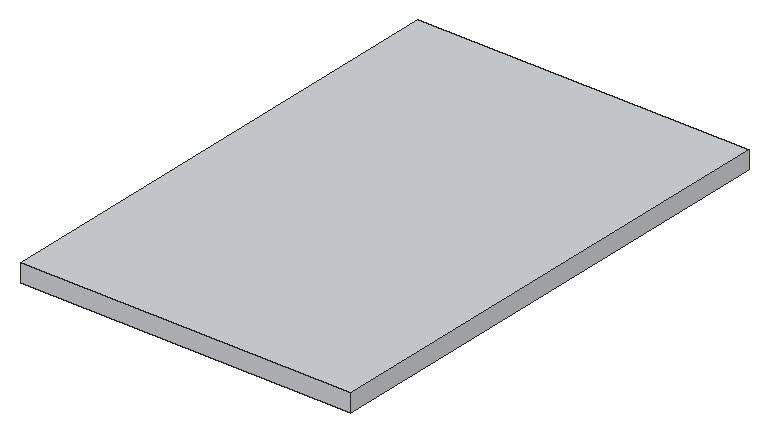
Revit family "EL-AS1247xxWS840M9x", category Leuchten, Revit 2020
Family settings
  Basisbauteil = Fläche
  Bemaßung runder Anschluss = Durchmesser verwenden
  Teiletyp = Normal
  OmniClass-Nummer = 23.80.70.11
  OmniClass-Titel = Luminaries for Internal Lighting
  Beim Laden mit Abzugskörper schneiden = Nein
  Lichtquelle = Ja
  Gemeinsam genutzt = Nein
  Raumberechnungspunkt = Nein
Parameters (values of type "EL-AS1247RFWS840M9P0600")
  width = 187 mm  # constant formula
  weight = ""
  voltage type (AC, DC, UC) = "AC"
  rated input power = 37
  product name = "EL-AS1247RFWS840M9P0600\r\nEL-AQ0622NDWS840M9P0400\r\nEL-AQ0622DAWS840M9S0350"
  nominal voltage = "230"
  nominal frequency = "50-60Hz"
  length = 1255 mm  # constant formula
  ingress protection (IP) code = "IP20"
  height = 60 mm  # constant formula
  electrical safety class = "1"
  control gear = ""
  conformity mark = "CE"  # constant formula
  brand = "RIDI"
  approval mark = ""
  built-in parameter 1150104 = 13.8 (stored number, unit not read)
  Wattage = 40.5273 W
  Von Breite des Rechtecks ausssenden = 1080 mm  # constant formula
  Von Länge des Rechtecks aussenden = 92 mm  # constant formula
  Default Elevation = 0 mm
  built-in parameter 1150113 = 1 (stored number, unit not read)
  built-in parameter 1114218 = 1 (stored number, unit not read)
  URL = "www.ridi.de"
  built-in parameter 1150134 = 12
  built-in parameter 1150109 = 1 (stored number, unit not read)
  built-in parameter 1150110 = 1 (stored number, unit not read)
  Apparent Load = 37 VA
  Tilt Angle = 90.00°
  Modell = "0627910"
  built-in parameter 1114217 = 1 (stored number, unit not read)
  built-in parameter 1150139 = (empty or 0)
  built-in parameter 1150105 = 4426.5 (stored number, unit not read)
  built-in parameter 1150114 = 1 (stored number, unit not read)
  Lumens = 6020 lm
  built-in parameter 1150115 = 1 (stored number, unit not read)
  built-in parameter 1150112 = 1 (stored number, unit not read)
  Lampe = "LED"
  Hersteller = "RIDI Leuchten GmbH"  # constant formula
  Dimming Lamp Color Temperature Shift = (empty or 0)
  Color Filter = 16777215
  built-in parameter 1150133 = 10 (stored number, unit not read)
  Emit Shape Visible in Rendering = no
  built-in parameter 1150137 = (empty or 0)
  built-in parameter 1150132 = 2
  Datei für fotometrisches Netz = "xxxM9Pxxx.IES"
  Copyright = "© RIDI. All rights reserved."  # constant formula
  built-in parameter 1150106 = 44.265 (stored number, unit not read)
  Baugruppenkennzeichen = "D5020200"
  built-in parameter 1150107 = 4000 (stored number, unit not read)
  built-in parameter 1150102 = (empty or 0)
  built-in parameter 1150138 = (empty or 0)
Types (5, lengths in mm): name | rated input power | product name | Wattage | Apparent Load | Modell | built-in parameter 1150105 | Lumens | Datei für fotometrisches Netz | built-in parameter 1150106
  (no name) | 37 | "EL-AS1247RFWS840M9P0600\r\nEL-AQ0622NDWS840M9P0400\r\nEL-AQ0622DAWS840M9S0350" | 40.5273 W | 37 VA | "0627910" | 4426.5 (stored number, unit not read) | 6020 lm | "xxxM9Pxxx.IES" | 44.265 (stored number, unit not read)
  EL-AS1247NDWS840M9S0550 | 38 | "EL-AS1247NDWS840M9S0550\r\nEL-AQ0622NDWS840M9P0400\r\nEL-AQ0622DAWS840M9S0350" | 37.4978 W | 38 VA | "0627906" | 443.25 (stored number, unit not read) | 5570 lm | "xxxM9Sxxx.IES" | 4.4325 (stored number, unit not read)
  EL-AS1247DAWS840M9S0550 | 38 | "EL-AS1247DAWS840M9S0550\r\nEL-AQ0622NDWS840M9P0400\r\nEL-AQ0622DAWS840M9S0350" | 37.4978 W | 38 VA | "0637906" | 443.25 (stored number, unit not read) | 5570 lm | "xxxM9Sxxx.IES" | 4.4325 (stored number, unit not read)
  EL-AS1247RFWS840M9P0600 | 37 | "EL-AS1247RFWS840M9P0600\r\nEL-AQ0622NDWS840M9P0400\r\nEL-AQ0622DAWS840M9S0350" | 40.5273 W | 37 VA | "0627910" | 4426.5 (stored number, unit not read) | 6020 lm | "xxxM9Pxxx.IES" | 44.265 (stored number, unit not read)
  EL-AS1247DAWS840M9P0600 | 37 | "EL-AS1247DAWS840M9P0600\r\nEL-AQ0622NDWS840M9P0400\r\nEL-AQ0622DAWS840M9S0350" | 40.5273 W | 37 VA | "0637910" | 4426.5 (stored number, unit not read) | 6020 lm | "xxxM9Pxxx.IES" | 44.265 (stored number, unit not read)
Reference planes
  plane 1 "Mitte (Vorne/hinten)": y = 0
  plane 2: z = 0
  plane 3 "Mitte (Links/rechts)": x = 0
Forms (mm)
  Extrusion 1, solid
    sketch origin (219.2, 280.8, 0) x (1, 0, 0) y (0, 1, 0)
      loop
        line (-1219.2, 1219.2) -> (-1219.2, -1780.8) -> (780.8, -1780.8) -> (780.8, 1219.2) -> (-1219.2, 1219.2)
    from 0 to -107.307
Dimensions and locks
  aligned and locked: plane 2 to Extrusion 1
  aligned and locked: imposter light to plane 3 "Mitte (Links/rechts)"
  aligned and locked: import instance to imposter light
  aligned and locked: import instance to Extrusion 1
Connectors
  electrical at (0, 0, 6.13), driven by "Apparent Load"
    settings: on import instance, index 1, voltage 230 V, apparent load 0 VA, apparent load phase1 37 VA, apparent load phase2 0 VA, apparent load phase3 0 VA, power factor 1, load classification "Lighting", number of poles 1, system type 31, power factor state 1, is connector primary yes, connector utility no, sub classification motor no, connector description ""
